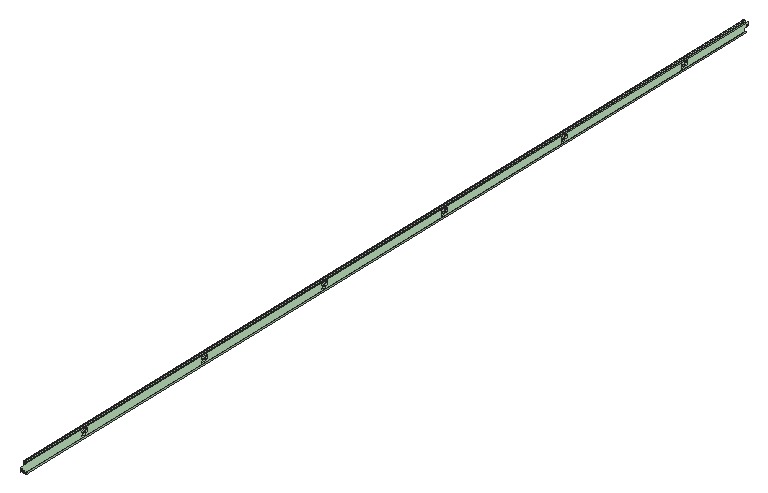
Revit family "et4015_main", category 機械設備, Revit 2022
Family settings
  丸型コネクタ寸法 = 直径を使用
  種別 = なし
  パーツ タイプ = 標準
  作業面ベース = いいえ
  常に垂直 = はい
  ロード時にボイドで切り取り = いいえ
  注釈の向きを維持 = いいえ
  共有 = いいえ
  部屋計算ポイント = いいえ
Parameters
  製造元 = "株式会社桐井製作所"
  既定の高さ = 0 mm
  URL = "https://www.kirii.co.jp/"
  K_長さ(mm) = 3600 mm
  K_材質 = "溶融亜鉛めっき鋼板及び鋼帯SGCC 一般用　カラー鋼板"
  K_品名 = "eTバー4015メイン(600グリッド用)"
  K_名称 = "Tバー"
  K_入数 = "20"
  K_バージョン情報 = "20220411"
  K_めっき付着量 = "JIS G 3302 Z12、カラー鋼板　塗装膜厚20μ(白色)"
  K_JIS規格 = "JIS G 3302"
Reference planes
  plane 1 "中心(正面/背面)": y = 0
  plane 2: z = 0
  plane 3 "中心(左/右)": x = 0
  plane 4: y = 3600
Forms (mm)
  Extrusion 1, solid
    sketch origin (0, 0, 7.1) x (-1, 0, 0) y (0, 0, 1)
      loop
        arc (0.4, 24.298) -> (0.715, 24.763) -> (1.263, 24.642) r 0.5
        arc (1.263, 24.642) -> (1.627, 24.316) -> (2.1, 24.198) r 1.011
        arc (2.1, 24.198) -> (2.736, 24.462) -> (3, 25.098) r 0.9
        line (3, 25.098) -> (3, 33.198)
        arc (3, 33.198) -> (2.473, 34.079) -> (1.448, 34.032) r 1
        line (1.448, 34.032) -> (0, 33.08) -> (-1.448, 34.032)
        arc (-1.448, 34.032) -> (-2.473, 34.079) -> (-3, 33.198) r 1
        line (-3, 33.198) -> (-3, 25.098)
        arc (-3, 25.098) -> (-2.736, 24.462) -> (-2.1, 24.198) r 0.9
        arc (-2.1, 24.198) -> (-1.627, 24.316) -> (-1.263, 24.642) r 1.011
        arc (-1.263, 24.642) -> (-0.715, 24.763) -> (-0.4, 24.298) r 0.5
        line (-0.4, 24.298) -> (-0.4, -5.65)
        arc (-0.4, -5.65) -> (-0.634, -6.216) -> (-1.2, -6.45) r 0.8
        line (-1.2, -6.45) -> (-2.4, -6.2) -> (-5.375, -6.2) -> (-6.171, -5.941)
        arc (-6.171, -5.941) -> (-7.337, -6.109) -> (-6.7, -7.1) r 0.7
        line (-6.7, -7.1) -> (6.7, -7.1)
        arc (6.7, -7.1) -> (7.337, -6.109) -> (6.171, -5.941) r 0.7
        line (6.171, -5.941) -> (5.375, -6.2) -> (2.4, -6.2) -> (1.2, -6.45)
        arc (1.2, -6.45) -> (0.634, -6.216) -> (0.4, -5.65) r 0.8
        line (0.4, -5.65) -> (0.4, 24.298)
      loop
        arc (-1.668, 33.698) -> (-2.283, 33.727) -> (-2.6, 33.198) r 0.6
        line (-2.6, 33.198) -> (-2.6, 25.098)
        arc (-2.6, 25.098) -> (-2.302, 24.641) -> (-1.763, 24.729) r 0.5
        line (-1.763, 24.729) -> (-1.063, 25.183)
        arc (-1.063, 25.183) -> (-0.324, 24.99) -> (0, 24.298) r 0.9
        arc (0, 24.298) -> (0.324, 24.99) -> (1.063, 25.183) r 0.9
        line (1.063, 25.183) -> (1.763, 24.729)
        arc (1.763, 24.729) -> (2.302, 24.641) -> (2.6, 25.098) r 0.5
        line (2.6, 25.098) -> (2.6, 33.198)
        arc (2.6, 33.198) -> (2.283, 33.727) -> (1.668, 33.698) r 0.6
        line (1.668, 33.698) -> (0.549, 32.963)
        arc (0.549, 32.963) -> (0, 32.798) -> (-0.549, 32.963) r 1
        line (-0.549, 32.963) -> (-1.668, 33.698)
    from 0 to 3600
  Extrusion 2, solid
    sketch origin (0.4, 0, 30.6) x (0, 0, -1) y (0, 1, 0)
      loop
        line (3.661, 0) -> (3.661, -19.4)
        arc (3.661, -19.4) -> (3.954, -20.107) -> (4.661, -20.4) r 1
        line (4.661, -20.4) -> (16.783, -20.4)
        arc (16.783, -20.4) -> (17.49, -20.107) -> (17.783, -19.4) r 1
        line (17.783, -19.4) -> (17.783, 0) -> (17.783, 21.201) -> (3.661, 21.201) -> (3.661, 0)
    from -0.8 to 0
  Extrusion 3, void
    sketch origin (0.4, 3000, 31.225) x (0, 0, 1) y (0, 1, 0)
      loop
        line (-5.5, 284.4) -> (-5.5, 315.6) -> (-23.1, 315.6) -> (-23.1, 284.4) -> (-5.5, 284.4)
    from 0 to 0.8
  Extrusion 4, void
    sketch origin (0.4, 1800, 31.225) x (0, 0, 1) y (0, 1, 0)
      loop
        line (-5.5, 284.4) -> (-5.5, 315.6) -> (-23.1, 315.6) -> (-23.1, 284.4) -> (-5.5, 284.4)
    from 0 to 0.8
  Extrusion 5, void
    sketch origin (0.4, 2400, 31.225) x (0, 0, 1) y (0, 1, 0)
      loop
        line (-5.5, 284.4) -> (-5.5, 315.6) -> (-23.1, 315.6) -> (-23.1, 284.4) -> (-5.5, 284.4)
    from 0 to 0.8
  Extrusion 6, void
    sketch origin (0.4, 1200, 31.225) x (0, 0, 1) y (0, 1, 0)
      loop
        line (-5.5, 284.4) -> (-5.5, 315.6) -> (-23.1, 315.6) -> (-23.1, 284.4) -> (-5.5, 284.4)
    from 0 to 0.8
  Extrusion 7, void
    sketch origin (0.4, 600, 31.225) x (0, 0, 1) y (0, 1, 0)
      loop
        line (-5.5, 284.4) -> (-5.5, 315.6) -> (-23.1, 315.6) -> (-23.1, 284.4) -> (-5.5, 284.4)
    from 0 to 0.8
  Extrusion 8, void
    sketch origin (0.4, 0, 31.225) x (0, 0, 1) y (0, 1, 0)
      loop
        line (-5.5, 284.4) -> (-5.5, 315.6) -> (-23.1, 315.6) -> (-23.1, 284.4) -> (-5.5, 284.4)
    from 0 to 0.8
  Extrusion 9, void
    sketch origin (0.4, 0, 38.1) x (0, 0, 1) y (0, 1, 0)
      loop
        line (-17.561, -16.4) -> (-17.561, -9.2) -> (-22.361, -9.2) -> (-22.361, -16.4) -> (-17.561, -16.4)
    from 0 to 0.8
  Extrusion 10, solid
    sketch origin (0.4, 3600, 30.6) x (0, 0, -1) y (0, 1, 0)
      loop
        line (3.661, 0) -> (3.661, -21.132) -> (17.783, -21.132) -> (17.783, 0) -> (17.783, 19.4)
        arc (17.783, 19.4) -> (17.49, 20.107) -> (16.783, 20.4) r 1
        line (16.783, 20.4) -> (4.661, 20.4)
        arc (4.661, 20.4) -> (3.954, 20.107) -> (3.661, 19.4) r 1
        line (3.661, 19.4) -> (3.661, 0)
    from -0.8 to 0
  Extrusion 11, void
    sketch origin (0.4, 3600, 38.1) x (0, 0, 1) y (0, 1, 0)
      loop
        line (-17.561, 16.4) -> (-22.361, 16.4) -> (-22.361, 9.2) -> (-17.561, 9.2) -> (-17.561, 16.4)
    from 0 to 0.8
  Extrusion 12, void
    sketch origin (0.4, 3018.192, 31.537) x (0, 0, 1) y (0, 1, 0)
      loop
        line (-19.9, 284.4) -> (-8.7, 284.4)
        arc (-8.7, 284.4) -> (-14.3, 287.9) -> (-19.9, 284.4) r 6.23
      loop
        line (-8.7, 297.4) -> (-19.9, 297.4)
        arc (-19.9, 297.4) -> (-14.3, 293.9) -> (-8.7, 297.4) r 6.23
    from 1.2 to 3.447
  Extrusion 13, solid
    sketch origin (0.081, 3018.2, -7.135) x (1, 0, 0) y (0, 0, 1)
      loop
        line (-0.387, 33.66) -> (-2.087, 33.66) -> (-2.087, 26.56)
        arc (-2.087, 26.56) -> (-3.087, 24.26) -> (-2.088, 21.96) r 3.145
        line (-2.088, 21.96) -> (-2.087, 14.46) -> (-0.387, 14.46) -> (-0.387, 15.26) -> (-1.487, 15.26) -> (-1.487, 22.238)
        arc (-1.487, 22.238) -> (-2.487, 24.267) -> (-1.476, 26.291) r 2.545
        line (-1.476, 26.291) -> (-1.476, 32.86) -> (-0.387, 32.86) -> (-0.387, 33.66)
    from -297.4 to -284.4
  Extrusion 14, void
    sketch origin (-0.4, 2999.992, 31.538) x (0, 0, 1) y (0, -1, 0)
      loop
        arc (-19.9, -284.4) -> (-14.3, -287.9) -> (-8.7, -284.4) r 6.23
        line (-8.7, -284.4) -> (-19.9, -284.4)
      loop
        arc (-8.7, -297.4) -> (-14.3, -293.9) -> (-19.9, -297.4) r 6.23
        line (-19.9, -297.4) -> (-8.7, -297.4)
    from 1.2 to 3.447
  Extrusion 15, solid
    sketch origin (-0.081, 3000, -7.135) x (-1, 0, 0) y (0, 0, -1)
      loop
        line (-0.387, -33.66) -> (-0.387, -32.86) -> (-1.476, -32.86) -> (-1.476, -26.291)
        arc (-1.476, -26.291) -> (-2.487, -24.267) -> (-1.487, -22.238) r 2.545
        line (-1.487, -22.238) -> (-1.487, -15.26) -> (-0.387, -15.26) -> (-0.387, -14.46) -> (-2.087, -14.46) -> (-2.088, -21.96)
        arc (-2.088, -21.96) -> (-3.087, -24.26) -> (-2.087, -26.56) r 3.145
        line (-2.087, -26.56) -> (-2.087, -33.66) -> (-0.387, -33.66)
    from -297.4 to -284.4
  Extrusion 16, void
    sketch origin (0.4, 2418.192, 31.537) x (0, 0, 1) y (0, 1, 0)
      loop
        line (-19.9, 284.4) -> (-8.7, 284.4)
        arc (-8.7, 284.4) -> (-14.3, 287.9) -> (-19.9, 284.4) r 6.23
      loop
        line (-8.7, 297.4) -> (-19.9, 297.4)
        arc (-19.9, 297.4) -> (-14.3, 293.9) -> (-8.7, 297.4) r 6.23
    from 1.2 to 3.447
  Extrusion 17, solid
    sketch origin (0.081, 2418.2, -7.135) x (1, 0, 0) y (0, 0, 1)
      loop
        line (-0.387, 33.66) -> (-2.087, 33.66) -> (-2.087, 26.56)
        arc (-2.087, 26.56) -> (-3.087, 24.26) -> (-2.088, 21.96) r 3.145
        line (-2.088, 21.96) -> (-2.087, 14.46) -> (-0.387, 14.46) -> (-0.387, 15.26) -> (-1.487, 15.26) -> (-1.487, 22.238)
        arc (-1.487, 22.238) -> (-2.487, 24.267) -> (-1.476, 26.291) r 2.545
        line (-1.476, 26.291) -> (-1.476, 32.86) -> (-0.387, 32.86) -> (-0.387, 33.66)
    from -297.4 to -284.4
  Extrusion 18, void
    sketch origin (-0.4, 2399.992, 31.538) x (0, 0, 1) y (0, -1, 0)
      loop
        arc (-19.9, -284.4) -> (-14.3, -287.9) -> (-8.7, -284.4) r 6.23
        line (-8.7, -284.4) -> (-19.9, -284.4)
      loop
        arc (-8.7, -297.4) -> (-14.3, -293.9) -> (-19.9, -297.4) r 6.23
        line (-19.9, -297.4) -> (-8.7, -297.4)
    from 1.2 to 3.447
  Extrusion 19, solid
    sketch origin (-0.081, 2400, -7.135) x (-1, 0, 0) y (0, 0, -1)
      loop
        line (-0.387, -33.66) -> (-0.387, -32.86) -> (-1.476, -32.86) -> (-1.476, -26.291)
        arc (-1.476, -26.291) -> (-2.487, -24.267) -> (-1.487, -22.238) r 2.545
        line (-1.487, -22.238) -> (-1.487, -15.26) -> (-0.387, -15.26) -> (-0.387, -14.46) -> (-2.087, -14.46) -> (-2.088, -21.96)
        arc (-2.088, -21.96) -> (-3.087, -24.26) -> (-2.087, -26.56) r 3.145
        line (-2.087, -26.56) -> (-2.087, -33.66) -> (-0.387, -33.66)
    from -297.4 to -284.4
  Extrusion 20, void
    sketch origin (0.4, 1818.192, 31.537) x (0, 0, 1) y (0, 1, 0)
      loop
        line (-19.9, 284.4) -> (-8.7, 284.4)
        arc (-8.7, 284.4) -> (-14.3, 287.9) -> (-19.9, 284.4) r 6.23
      loop
        line (-8.7, 297.4) -> (-19.9, 297.4)
        arc (-19.9, 297.4) -> (-14.3, 293.9) -> (-8.7, 297.4) r 6.23
    from 1.2 to 3.447
  Extrusion 21, solid
    sketch origin (0.081, 1818.2, -7.135) x (1, 0, 0) y (0, 0, 1)
      loop
        line (-0.387, 33.66) -> (-2.087, 33.66) -> (-2.087, 26.56)
        arc (-2.087, 26.56) -> (-3.087, 24.26) -> (-2.088, 21.96) r 3.145
        line (-2.088, 21.96) -> (-2.087, 14.46) -> (-0.387, 14.46) -> (-0.387, 15.26) -> (-1.487, 15.26) -> (-1.487, 22.238)
        arc (-1.487, 22.238) -> (-2.487, 24.267) -> (-1.476, 26.291) r 2.545
        line (-1.476, 26.291) -> (-1.476, 32.86) -> (-0.387, 32.86) -> (-0.387, 33.66)
    from -297.4 to -284.4
  Extrusion 22, void
    sketch origin (-0.4, 1799.992, 31.538) x (0, 0, 1) y (0, -1, 0)
      loop
        arc (-19.9, -284.4) -> (-14.3, -287.9) -> (-8.7, -284.4) r 6.23
        line (-8.7, -284.4) -> (-19.9, -284.4)
      loop
        arc (-8.7, -297.4) -> (-14.3, -293.9) -> (-19.9, -297.4) r 6.23
        line (-19.9, -297.4) -> (-8.7, -297.4)
    from 1.2 to 3.447
  Extrusion 23, solid
    sketch origin (-0.081, 1800, -7.135) x (-1, 0, 0) y (0, 0, -1)
      loop
        line (-0.387, -33.66) -> (-0.387, -32.86) -> (-1.476, -32.86) -> (-1.476, -26.291)
        arc (-1.476, -26.291) -> (-2.487, -24.267) -> (-1.487, -22.238) r 2.545
        line (-1.487, -22.238) -> (-1.487, -15.26) -> (-0.387, -15.26) -> (-0.387, -14.46) -> (-2.087, -14.46) -> (-2.088, -21.96)
        arc (-2.088, -21.96) -> (-3.087, -24.26) -> (-2.087, -26.56) r 3.145
        line (-2.087, -26.56) -> (-2.087, -33.66) -> (-0.387, -33.66)
    from -297.4 to -284.4
  Extrusion 24, void
    sketch origin (0.4, 1218.192, 31.537) x (0, 0, 1) y (0, 1, 0)
      loop
        line (-19.9, 284.4) -> (-8.7, 284.4)
        arc (-8.7, 284.4) -> (-14.3, 287.9) -> (-19.9, 284.4) r 6.23
      loop
        line (-8.7, 297.4) -> (-19.9, 297.4)
        arc (-19.9, 297.4) -> (-14.3, 293.9) -> (-8.7, 297.4) r 6.23
    from 1.2 to 3.447
  Extrusion 25, solid
    sketch origin (0.081, 1218.2, -7.135) x (1, 0, 0) y (0, 0, 1)
      loop
        line (-0.387, 33.66) -> (-2.087, 33.66) -> (-2.087, 26.56)
        arc (-2.087, 26.56) -> (-3.087, 24.26) -> (-2.088, 21.96) r 3.145
        line (-2.088, 21.96) -> (-2.087, 14.46) -> (-0.387, 14.46) -> (-0.387, 15.26) -> (-1.487, 15.26) -> (-1.487, 22.238)
        arc (-1.487, 22.238) -> (-2.487, 24.267) -> (-1.476, 26.291) r 2.545
        line (-1.476, 26.291) -> (-1.476, 32.86) -> (-0.387, 32.86) -> (-0.387, 33.66)
    from -297.4 to -284.4
  Extrusion 26, void
    sketch origin (-0.4, 1199.992, 31.538) x (0, 0, 1) y (0, -1, 0)
      loop
        arc (-19.9, -284.4) -> (-14.3, -287.9) -> (-8.7, -284.4) r 6.23
        line (-8.7, -284.4) -> (-19.9, -284.4)
      loop
        arc (-8.7, -297.4) -> (-14.3, -293.9) -> (-19.9, -297.4) r 6.23
        line (-19.9, -297.4) -> (-8.7, -297.4)
    from 1.2 to 3.447
  Extrusion 27, solid
    sketch origin (-0.081, 1200, -7.135) x (-1, 0, 0) y (0, 0, -1)
      loop
        line (-0.387, -33.66) -> (-0.387, -32.86) -> (-1.476, -32.86) -> (-1.476, -26.291)
        arc (-1.476, -26.291) -> (-2.487, -24.267) -> (-1.487, -22.238) r 2.545
        line (-1.487, -22.238) -> (-1.487, -15.26) -> (-0.387, -15.26) -> (-0.387, -14.46) -> (-2.087, -14.46) -> (-2.088, -21.96)
        arc (-2.088, -21.96) -> (-3.087, -24.26) -> (-2.087, -26.56) r 3.145
        line (-2.087, -26.56) -> (-2.087, -33.66) -> (-0.387, -33.66)
    from -297.4 to -284.4
  Extrusion 28, void
    sketch origin (0.4, 618.192, 31.537) x (0, 0, 1) y (0, 1, 0)
      loop
        line (-19.9, 284.4) -> (-8.7, 284.4)
        arc (-8.7, 284.4) -> (-14.3, 287.9) -> (-19.9, 284.4) r 6.23
      loop
        line (-8.7, 297.4) -> (-19.9, 297.4)
        arc (-19.9, 297.4) -> (-14.3, 293.9) -> (-8.7, 297.4) r 6.23
    from 1.2 to 3.447
  Extrusion 29, solid
    sketch origin (0.081, 618.2, -7.135) x (1, 0, 0) y (0, 0, 1)
      loop
        line (-0.387, 33.66) -> (-2.087, 33.66) -> (-2.087, 26.56)
        arc (-2.087, 26.56) -> (-3.087, 24.26) -> (-2.088, 21.96) r 3.145
        line (-2.088, 21.96) -> (-2.087, 14.46) -> (-0.387, 14.46) -> (-0.387, 15.26) -> (-1.487, 15.26) -> (-1.487, 22.238)
        arc (-1.487, 22.238) -> (-2.487, 24.267) -> (-1.476, 26.291) r 2.545
        line (-1.476, 26.291) -> (-1.476, 32.86) -> (-0.387, 32.86) -> (-0.387, 33.66)
    from -297.4 to -284.4
  Extrusion 30, void
    sketch origin (-0.4, 599.992, 31.538) x (0, 0, 1) y (0, -1, 0)
      loop
        arc (-19.9, -284.4) -> (-14.3, -287.9) -> (-8.7, -284.4) r 6.23
        line (-8.7, -284.4) -> (-19.9, -284.4)
      loop
        arc (-8.7, -297.4) -> (-14.3, -293.9) -> (-19.9, -297.4) r 6.23
        line (-19.9, -297.4) -> (-8.7, -297.4)
    from 1.2 to 3.447
  Extrusion 31, solid
    sketch origin (-0.081, 600, -7.135) x (-1, 0, 0) y (0, 0, -1)
      loop
        line (-0.387, -33.66) -> (-0.387, -32.86) -> (-1.476, -32.86) -> (-1.476, -26.291)
        arc (-1.476, -26.291) -> (-2.487, -24.267) -> (-1.487, -22.238) r 2.545
        line (-1.487, -22.238) -> (-1.487, -15.26) -> (-0.387, -15.26) -> (-0.387, -14.46) -> (-2.087, -14.46) -> (-2.088, -21.96)
        arc (-2.088, -21.96) -> (-3.087, -24.26) -> (-2.087, -26.56) r 3.145
        line (-2.087, -26.56) -> (-2.087, -33.66) -> (-0.387, -33.66)
    from -297.4 to -284.4
  Extrusion 32, void
    sketch origin (0.4, 18.192, 31.537) x (0, 0, 1) y (0, 1, 0)
      loop
        line (-19.9, 284.4) -> (-8.7, 284.4)
        arc (-8.7, 284.4) -> (-14.3, 287.9) -> (-19.9, 284.4) r 6.23
      loop
        line (-8.7, 297.4) -> (-19.9, 297.4)
        arc (-19.9, 297.4) -> (-14.3, 293.9) -> (-8.7, 297.4) r 6.23
    from 1.2 to 3.447
  Extrusion 33, solid
    sketch origin (0.081, 18.2, -7.135) x (1, 0, 0) y (0, 0, 1)
      loop
        line (-0.387, 33.66) -> (-2.087, 33.66) -> (-2.087, 26.56)
        arc (-2.087, 26.56) -> (-3.087, 24.26) -> (-2.088, 21.96) r 3.145
        line (-2.088, 21.96) -> (-2.087, 14.46) -> (-0.387, 14.46) -> (-0.387, 15.26) -> (-1.487, 15.26) -> (-1.487, 22.238)
        arc (-1.487, 22.238) -> (-2.487, 24.267) -> (-1.476, 26.291) r 2.545
        line (-1.476, 26.291) -> (-1.476, 32.86) -> (-0.387, 32.86) -> (-0.387, 33.66)
    from -297.4 to -284.4
  Extrusion 34, void
    sketch origin (-0.4, -0.008, 31.538) x (0, 0, 1) y (0, -1, 0)
      loop
        arc (-19.9, -284.4) -> (-14.3, -287.9) -> (-8.7, -284.4) r 6.23
        line (-8.7, -284.4) -> (-19.9, -284.4)
      loop
        arc (-8.7, -297.4) -> (-14.3, -293.9) -> (-19.9, -297.4) r 6.23
        line (-19.9, -297.4) -> (-8.7, -297.4)
    from 1.2 to 3.447
  Extrusion 35, solid
    sketch origin (-0.081, 0, -7.135) x (-1, 0, 0) y (0, 0, -1)
      loop
        line (-0.387, -33.66) -> (-0.387, -32.86) -> (-1.476, -32.86) -> (-1.476, -26.291)
        arc (-1.476, -26.291) -> (-2.487, -24.267) -> (-1.487, -22.238) r 2.545
        line (-1.487, -22.238) -> (-1.487, -15.26) -> (-0.387, -15.26) -> (-0.387, -14.46) -> (-2.087, -14.46) -> (-2.088, -21.96)
        arc (-2.088, -21.96) -> (-3.087, -24.26) -> (-2.087, -26.56) r 3.145
        line (-2.087, -26.56) -> (-2.087, -33.66) -> (-0.387, -33.66)
    from -297.4 to -284.4
Cuts and joins
  Extrusion 3, Extrusion 4, Extrusion 5, Extrusion 6, Extrusion 7, Extrusion 8, Extrusion 9, Extrusion 11 cuts Extrusion 1
  Extrusion 4, Extrusion 5, Extrusion 6, Extrusion 7, Extrusion 8, Extrusion 9, Extrusion 11 cuts Extrusion 2
  Extrusion 11 cuts Extrusion 10
  Extrusion 12 cuts Extrusion 13
  Extrusion 14 cuts Extrusion 15
  Extrusion 16 cuts Extrusion 17
  Extrusion 18 cuts Extrusion 19
  Extrusion 20 cuts Extrusion 21
  Extrusion 22 cuts Extrusion 23
  Extrusion 24 cuts Extrusion 25
  Extrusion 26 cuts Extrusion 27
  Extrusion 28 cuts Extrusion 29
  Extrusion 30 cuts Extrusion 31
  Extrusion 32 cuts Extrusion 33
  Extrusion 34 cuts Extrusion 35
  joined: Extrusion 1, Extrusion 2, Extrusion 10, Extrusion 13, Extrusion 15, Extrusion 17, Extrusion 19, Extrusion 21, Extrusion 23, Extrusion 25, Extrusion 27, Extrusion 29, Extrusion 31, Extrusion 33, Extrusion 35
Dimensions and locks
  plane 4 to plane 1 "中心(正面/背面)" = 3600 mm
  aligned and locked: level to plane 2
  aligned and locked: plane 4 to Extrusion 1
